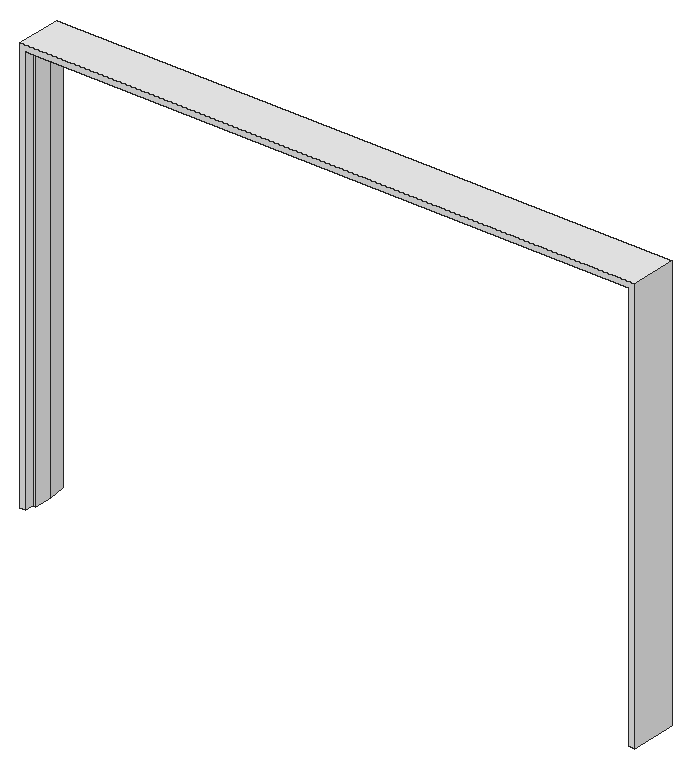
Revit family
Parameters (values of type "3100X2100 mm")
  프레임 = ""
  철물 = ""
  Assembly Code = ""
  유리/마감 = ""
  위치/개소 = ""
  부호 = "2/FSD"
  문 틀 = 문 틀
  문번호 = "2"
  문기호 = "FSD"
  Height = 2100 mm
  Wall Closure = (empty or 0)
  Width = 3100 mm
Reference planes
  plane 1: y = 0
  plane 2 "왼쪽": x = -1515
  plane 3 "오른쪽": x = 1585
  plane 4: z = 2100
  plane 5 "외부": y = 115
  plane 6 "내부": y = -115
  plane 7: z = 2080
  plane 8: z = 2065
  plane 9: z = 20
  plane 10: z = 35
  plane 11: z = 1000
  plane 12: z = 2400
  plane 13: x = -1955
  plane 14: x = 1885
  plane 15: z = -300
  plane 16: x = -1485
  plane 17: x = -1470
  plane 18: x = 1555
  plane 19: x = 1540
  plane 20: y = 20
  plane 21: y = -75
  plane 22: x = 35
Forms (mm)
  Sweep 1, solid, material "문 틀" <- "문 틀"
    path origin (0, 115, 0) x (1, 0, 0) y (0, 0, 1)
      loop
        line (1585, 0) -> (1585, 2100) -> (-1515, 2100) -> (-1515, 0)
    profile origin (1585, 115, 1050) x (-1, 0, 0) y (0, -1, 0)
      loop
        line (0, 0) -> (30, 0) -> (45, 95) -> (45, 190) -> (30, 190) -> (30, 230) -> (0, 230) -> (0, 0)
Lines and regions (mm)
  Opening 1
    outline origin (-3050, -115, 0) x (1, 0, 0) y (0, 0, 1)
      loop
        line (1535, 0) -> (4635, 0) -> (4635, 2100) -> (1535, 2100) -> (1535, 0)
  symbolic lines, style "입면도 스윙"
    curve 1: line (1885, 115, 2100) -> (-1815, 115, 2100)
    curve 2: line (1885, 115, 0) -> (-1815, 115, 0)
    curve 3: line (-1515, 115, -300) -> (-1515, 115, 2400)
    curve 4: line (1585, 115, 2400) -> (1585, 115, -300)
    curve 5: line (1580, 115, 2095) -> (-1510, 115, 2095)
    curve 6: line (1590, 115, 2105) -> (-1520, 115, 2105)
    curve 7: line (-1520, 115, -5) -> (-1520, 115, 2105)
    curve 8: line (-1510, 115, 5) -> (-1510, 115, 2095)
    curve 9: line (1590, 115, -5) -> (-1520, 115, -5)
    curve 10: line (1580, 115, 5) -> (-1510, 115, 5)
    curve 11: line (1590, 115, 2105) -> (1590, 115, -5)
    curve 12: line (1580, 115, 2095) -> (1580, 115, 5)
Text (mm)
  text "외부" at (-2295.016, 1099.543, 0), in view "참조 레벨"
  text "외부" at (0, 1615.38, 3698.081), in view "왼쪽"
  text "외부" at (0, 1036.032, 3874.932), in view "오른쪽"
Dimensions and locks
  plane 2 "왼쪽" to plane 3 "오른쪽" = 3100 mm
  "Width": plane 2 "왼쪽" to plane 3 "오른쪽"
  "Height": plane 4 to host wall
  host wall to plane 4 = 2100 mm  (x2)
  locked: plane 5 "외부" to host wall at 0
  locked: plane 6 "내부" to host wall
  locked: plane 7 to plane 4 at 20
  locked: plane 8 to plane 7 at 15
  locked: level to plane 9 at 20
  locked: plane 9 to plane 10 at 15
  locked: level to plane 11 at 1000
  curve 9 to curve 2 to curve 10 = 5 mm locked, 5 mm locked
  curve 11 to curve 4 to curve 12 = 5 mm locked, 5 mm locked
  curve 7 to curve 3 to curve 8 = 5 mm locked, 5 mm locked
  curve 5 to curve 1 to curve 6 = 5 mm locked, 5 mm locked
  plane 2 "왼쪽" to plane 16 to plane 17 = 30 mm locked, 15 mm locked
  plane 19 to plane 18 to plane 3 "오른쪽" = 15 mm locked, 30 mm locked
  plane 6 "내부" to plane 21 to plane 20 to plane 5 "외부" = 40 mm, 95 mm, 95 mm
  equal spacing: plane 2 "왼쪽", plane 22, plane 3 "오른쪽"
  aligned and locked: plane 2 "왼쪽" to Opening 1 sketch curve
  aligned and locked: plane 4 to Opening 1 sketch curve  (x2)
  aligned and locked: Opening 1 sketch curve to plane 3 "오른쪽"
  aligned and locked: Opening 1 sketch curve to level
  aligned and locked: plane 1 to host wall
  aligned and locked: Sweep 1 sketch curve to host wall
  aligned and locked: host wall to Sweep 1 sketch curve
  aligned and locked: plane 2 "왼쪽" to curve 3
  aligned and locked: plane 4 to curve 1
  aligned and locked: curve 2 to level
  aligned and locked: curve 4 to plane 3 "오른쪽"
Automatic sketch dimensions
  Sweep 1 sketch curve to plane 3 "오른쪽" = 0 mm
  Sweep 1 sketch curve to plane 4 = 0 mm
  curve 1 to curve 6 = 295 mm
  curve 6 to curve 1 = 295 mm
  curve 3 to curve 7 = 295 mm
  curve 7 to curve 3 = 295 mm
  curve 2 to curve 9 = 295 mm
  curve 9 to curve 2 = 295 mm
  curve 4 to curve 11 = 295 mm
  curve 11 to curve 4 = 295 mm
  Sweep 1 sketch curve to level = 0 mm  (x2)
  Sweep 1 sketch curve to plane 5 "외부" = 0 mm
  Sweep 1 sketch curve to profile plane = 0 mm
  Sweep 1 sketch curve to profile plane = 30 mm
  Sweep 1 sketch curve to Sweep 1 sketch curve = 30 mm
  Sweep 1 sketch curve to profile plane = 45 mm
  plane 5 "외부" to Sweep 1 sketch curve = 95 mm
  Sweep 1 sketch curve to Sweep 1 sketch curve = 40 mm
